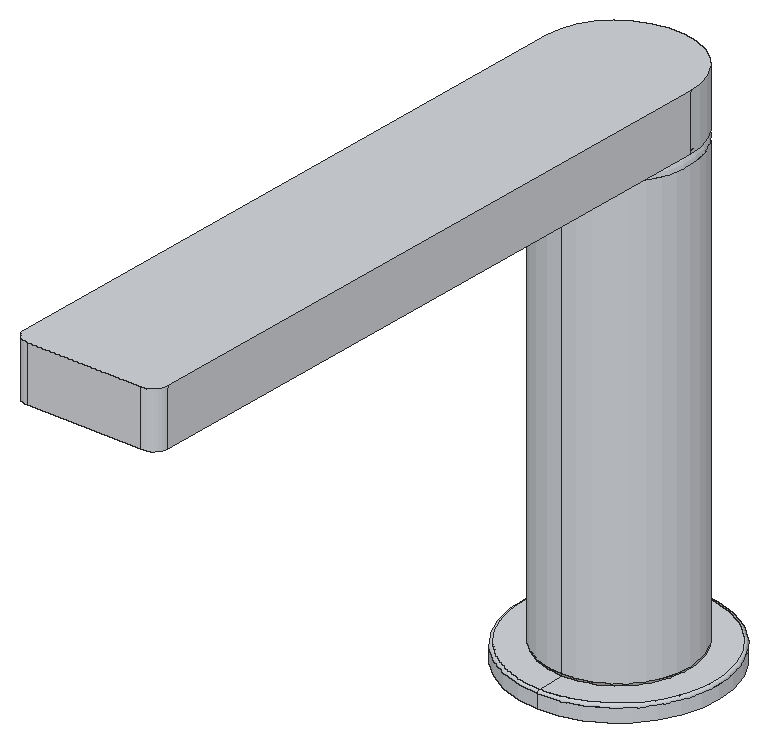
Revit family "Faucet_Touchless-Lavatory-KOHLER-Composed-K-103C37", category Plumbing Fixtures, host Face, Revit 2015
Parameters (values of type "CP-Polished Chrome")
  Width = 2"  # constant formula
  WaterSense Certified = 1 = 0  # no
  Waste Water Outlet = "Waste Water Outlet"  # constant formula
  Waste Connection = 1 = 0  # no
  Voltage = 120 V  # constant formula
  Vent Connection = 1 = 0  # no
  URL = "https://www.us.kohler.com/us/"
  Spout Reach = Length  # 5 13/16"
  Product Page URL = "http://www.us.kohler.com/us/catalog/productDetails.jsp?productNumber=103C37-SANA"
  Product Name = "Composed"  # constant formula
  Product Documentation Link = "https://www.us.kohler.com/webassets/kpna/catalog/pdf/en/K-103C37-SANA_spec.pdf"
  Pressure = 60.00 psi  # constant formula
  Model = "K-103C37-SANA-CP"  # constant formula
  Material = "Metal Construction"  # constant formula
  MasterFormat 2004 = "22.41.39"  # constant formula
  MasterFormat 1995 = "15410"  # constant formula
  Manufacturer Address = "444 Highland Dr, Kohler, WI 53044"  # constant formula
  Manufacturer = "KOHLER Co."  # constant formula
  Length = 5 13/16"  # constant formula
  Hot Water Inlet = "Hot Water Inlet"  # constant formula
  Height = 5 1/2"  # constant formula
  HW Connection = 1 = 1  # yes
  Flow Rate = 0.5 GPM  # constant formula
  Finish = Kohler-Metal-CP-Polished_Chrome
  Environmental Product Declaration = ""
  Electrical Note = "One circuit required, protected with Class A Ground-Fault\r\nCircuit-Interrupter (GFCI) or Residual Current Device (RCD)"  # constant formula
  Electrical Connector = 1 = 1  # yes
  Drain Included = 1 = 1  # yes
  Description = "Touchless bathroom sink faucet with Kinesis sensor technology and mixer, AC-powered"  # constant formula
  Default Elevation = 36"
  Declare Label = ""
  Date Modified = "01/29/2019"  # constant formula
  Date Created = "01/29/2019"  # constant formula
  Copyright = "Copyright KOHLER Co."  # constant formula
  Contact Us = "https://www.us.kohler.com/us/static/contact.jsp"
  Cold Water Inlet = "Cold Water Inlet"  # constant formula
  CW Connection = 1 = 1  # yes
  Assembly Code = "D2010"
  Apparent Load = 15 A * Voltage  # 1800 VA
  ADA Compliant = 1 = 1  # yes
Reference planes (in)
  plane 1 "Center (Front/Back)": y = 0
  plane 2: z = 0
  plane 3 "Center (Left/Right)": x = 0
  plane 4: x = -1
  plane 5: x = 1
  plane 6: z = 5.5
  plane 7: y = -5.8125
  plane 8: z = 4.875
  plane 9: y = 1
  plane 10: y = -1
Dimensions and locks (in)
  "Width": plane 4 to plane 5
  "Length": plane 1 "Center (Front/Back)" to plane 7
  "Height": plane 6 to plane 2
  locked: plane 8 to plane 2 at 4.875
  aligned and locked: host face to plane 2
  aligned and locked: host face to level
Automatic sketch dimensions
  host sketch curve to host sketch curve = 96"  (x2)
Nested families (in)
  nested 1: "K-103C37" at (0, 0, 0), type "K-103C37"
Connectors (in)
  piping at (-0.3539726, 0, 0), diameter 0.375, driven by "Flow Rate", driven by "Pressure", driven by "HW Connection", driven by "Hot Water Inlet"
    settings: on nested 1, index 1, connector inside diameter 24", connector length 0", flow factor 0, pipe flow 0.5 GPM, pressure drop 60.00 psi, fitting loss kfactor 0, connector angle 0.00°, fixture units 0, engagement length 0", angle of deflection 0.00°, flow configuration 1, flow direction 1, fitting loss method 4, system type 19, joint type 0, gender type 0, connector reference index -1, connector utility 1, adjustable connector no, is connector primary yes, connector description "Hot Water Inlet"
  piping at (0.3539726, 0, 0), diameter 0.375, driven by "Flow Rate", driven by "Pressure", driven by "CW Connection", driven by "Cold Water Inlet"
    settings: on nested 1, index 2, connector inside diameter 24", connector length 0", flow factor 0, pipe flow 0.5 GPM, pressure drop 60.00 psi, fitting loss kfactor 0, connector angle 0.00°, fixture units 0, engagement length 0", angle of deflection 0.00°, flow configuration 1, flow direction 1, fitting loss method 4, system type 20, joint type 0, gender type 0, connector reference index -1, connector utility 1, adjustable connector no, is connector primary no, connector description "Cold Water Inlet"
  electrical at (0, 0.5904007, 0), driven by "Voltage", driven by "Apparent Load", driven by "Electrical Connector", driven by "Electrical Note"
    settings: on nested 1, index 3, voltage 120 V, apparent load 1800 VA, apparent load phase1 0 VA, apparent load phase2 0 VA, apparent load phase3 0 VA, power factor 1, load classification "Power", number of poles 1, system type 30, power factor state 1, is connector primary yes, connector utility yes, sub classification motor no, connector description "One circuit required, protected with Class A Ground-Fault\r\nCircuit-Interrupter (GFCI) or Residual Current Device (RCD)"
Definition of nested family "K-103C37"
  Parameters (values of type "K-103C37")
    Material = none
  Reference planes (in)
    plane 1 "Center (Front/Back)": y = 0
    plane 2: z = 0
    plane 3 "Center (Left/Right)": x = 0
    plane 4: x = -1
    plane 5: x = 1
    plane 6: y = 1
    plane 7: y = -1
    plane 8: y = -5.8125
    plane 9: z = 5.5
    plane 10: z = 4.875
  Forms (in)
    Revolve 1, solid, material <- "Material", detail levels medium+fine
      sketch origin (0, 0, 0) x (0, 1, 0) y (0, 0, 1)
        loop
          line (0, 0) -> (0, 4.7824803) -> (-0.544109, 4.7824803)
          arc (-0.544109, 4.7824803) -> (-0.6604651, 4.734284) -> (-0.7086614, 4.6179279) r 0.1645524
          line (-0.7086614, 4.6179279) -> (-0.7086614, 0.18107)
          arc (-0.7086614, 0.18107) -> (-0.7017522, 0.1643896) -> (-0.6850717, 0.1574803) r 0.0235897
          line (-0.6850717, 0.1574803) -> (-0.9719121, 0.1574803)
          arc (-0.9719121, 0.1574803) -> (-0.9917732, 0.1492536) -> (-1, 0.1293924) r 0.0280879
          line (-1, 0.1293924) -> (-1, 0) -> (0, 0)
        axis (0, 4.7824803) -> (0, 0)
      angle from 0 to 360
    Extrusion 2, solid, material <- "Material", detail levels medium+fine
      sketch origin (0, 0, 0) x (1, 0, 0) y (0, 1, 0)
        loop
          line (-0.7086614, 0.0012146) -> (-0.7086614, -6.444936)
          arc (-0.7086614, -6.444936) -> (-0.6644123, -6.5517629) -> (-0.5575854, -6.596012) r 0.151076
          line (-0.5575854, -6.596012) -> (0.5563177, -6.596012)
          arc (0.5563177, -6.596012) -> (0.664041, -6.5513916) -> (0.7086614, -6.4436683) r 0.1523438
          line (0.7086614, -6.4436683) -> (0.7086614, 0.0012146)
          arc (0.7086614, 0.0012146) -> (0, 0.709876) -> (-0.7086614, 0.0012146) r 0.7086614
      from 4.5411757 to 6.0929439
    Extrusion 3, void
      sketch origin (0, 0, 0) x (0, 1, 0) y (0, 0, 1)
        loop
          line (0.903988, 5.2398514) -> (0.903988, 6.1945064) -> (-6.612562, 6.1945064) -> (-6.612562, 5.5023351) -> (0.903988, 5.2398514)
        loop
          line (0.903988, 4.6856758) -> (-6.612562, 4.9481595) -> (-6.612562, 4.4356758) -> (0.903988, 4.4356758) -> (0.903988, 4.6856758)
      from -0.8896644 to 0.9573223
    Extrusion 4, void
      sketch origin (0, 0, 0) x (0, 1, 0) y (0, 0, 1)
        loop
          line (0.7915281, 4.689603) -> (0.7915281, 4.967946) -> (-0.8288753, 4.967946) -> (-0.8288753, 4.7461888) -> (0.7915281, 4.689603)
      from -0.8376348 to 0.8524523
    Revolve 5, solid, material <- "Material", detail levels medium+fine
      sketch origin (0, 0, 0) x (0, 1, 0) y (0, 0, 1)
        loop
          line (-5.8125, 4.875) -> (-5.4659123, 4.8013305) -> (-5.453634, 4.8590951) -> (-5.4146293, 4.8508044)
          arc (-5.4146293, 4.8508044) -> (-5.3852571, 4.8562482) -> (-5.3683372, 4.8808668) r 0.0390302
          line (-5.3683372, 4.8808668) -> (-5.3498006, 4.9680749) -> (-5.7735703, 5.0581499) -> (-5.8125, 4.875)
        axis (-5.8125, 4.875) -> (-5.7735703, 5.0581499)
      angle from 0 to 360
    Revolve 6, void
      sketch origin (0, 0, 0) x (0, 1, 0) y (0, 0, 1)
        loop
          line (-6.2393129, 5.1571465) -> (-6.3056465, 4.8450716) -> (-5.8435295, 4.7468456) -> (-5.777196, 5.0589206) -> (-6.2393129, 5.1571465)
        axis (-5.8435295, 4.7468456) -> (-5.777196, 5.0589206)
      angle from 0 to 360
    Sweep 7, solid, detail levels medium+fine
      path origin (0, -0.1755323, -0.1560424) x (1, 0, 0) y (0, 0.999391, -0.034899)
        loop
          line (-0.4724409, -4.4204363) -> (-0.4724409, -4.6947593)
          arc (-0.4724409, -4.6947593) -> (0, -5.1672002) -> (0.4724409, -4.6947593) r 0.4724409
          line (0.4724409, -4.6947593) -> (0.4724409, -4.4204363)
          arc (0.4724409, -4.4204363) -> (0, -3.9479953) -> (-0.4724409, -4.4204363) r 0.4724409
      profile origin (-0.4724409, -4.7303537, 0.0030155) x (1, 0, 0) y (0, 0.034899, 0.999391)
        loop
          line (0, 5.0869223) -> (0, 4.8921985)
          arc (0, 4.8921985) -> (0.0231165, 4.8363902) -> (0.0789248, 4.8132737) r 0.0789248
          line (0.0789248, 4.8132737) -> (0.3224586, 4.8132737) -> (0.3224586, 5.0869223) -> (0, 5.0869223)
    Extrusion 8, solid, detail levels medium+fine
      sketch origin (0, -0.1755323, -0.1560424) x (1, 0, 0) y (0, 0.999391, -0.034899)
        loop
          line (-0.1499823, -4.4204363) -> (-0.1499823, -4.6947593)
          arc (-0.1499823, -4.6947593) -> (0, -4.8447416) -> (0.1499823, -4.6947593) r 0.1499823
          line (0.1499823, -4.6947593) -> (0.1499823, -4.4204363)
          arc (0.1499823, -4.4204363) -> (0, -4.270454) -> (-0.1499823, -4.4204363) r 0.1499823
      from 4.8132737 to 5.0869223
    Revolve 9, solid, material <- "Material", detail levels coarse
      sketch origin (0, 0, 0) x (0, 1, 0) y (0, 0, 1)
        loop
          line (0, 0) -> (0, 4.732736) -> (-0.7086613, 4.732736) -> (-0.7086613, 0.2685076) -> (-1, 0.2685076) -> (-1, 0) -> (0, 0)
        axis (0, 4.732736) -> (0, 0)
      angle from 0 to 360
    Extrusion 10, solid, material <- "Material", detail levels coarse
      sketch origin (0, 0, 0) x (1, 0, 0) y (0, 1, 0)
        loop
          line (-0.7086614, 0.0012146) -> (-0.7086614, -6.596012) -> (0.7086614, -6.596012) -> (0.7086614, 0.0012146)
          arc (0.7086614, 0.0012146) -> (0, 0.709876) -> (-0.7086614, 0.0012146) r 0.7086614
      from 4.732736 to 5.516422
    Extrusion 11, solid, material <- "Material", detail levels medium+fine
      sketch origin (0, 0, 0) x (1, 0, 0) y (0, 1, 0)
        loop
          circle (0, 0.5904007) r 0.094671
        loop
          circle (-0.3539726, 0) r 0.125
        loop
          circle (0.3539726, 0) r 0.125
      from 0 to 0.0523663
  Cuts and joins
    Extrusion 4 cuts Revolve 1
    Extrusion 3, Revolve 6 cuts Extrusion 2
    joined: Revolve 1, Extrusion 2, Revolve 5
    joined: Sweep 7, Extrusion 8
    joined: Revolve 9, Extrusion 10
  Lines and regions (in)
    Masking region 1
      outline origin (0, 0, 0) x (0, 1, 0) y (0, 0, 1)
        loop
          line (-1, 0) -> (1, 0) -> (1, 0.1278854)
          arc (1, 0.1278854) -> (0.9913319, 0.1488122) -> (0.9704051, 0.1574803) r 0.0295949
          line (0.9704051, 0.1574803) -> (0.6850717, 0.1574803)
          arc (0.6850717, 0.1574803) -> (0.7019645, 0.1669842) -> (0.7086613, 0.1851733) r 0.0280499
          line (0.7086613, 0.1851733) -> (0.7086613, 4.6643988)
          arc (0.7086613, 4.6643988) -> (0.7036108, 4.6815142) -> (0.6900775, 4.6931457) r 0.031526
          arc (0.6900775, 4.6931457) -> (0.7044288, 4.7047864) -> (0.7098267, 4.7224592) r 0.0316294
          line (0.7098267, 4.7224592) -> (0.7098267, 5.2448745) -> (-6.596012, 5.5) -> (-6.596012, 4.9475816) -> (-6.0670701, 4.9291105) -> (-5.4659123, 4.8013305) -> (-5.453634, 4.8590951) -> (-5.4022828, 4.8481801)
          arc (-5.4022828, 4.8481801) -> (-5.3824156, 4.8518622) -> (-5.370971, 4.8685142) r 0.0263998
          line (-5.370971, 4.8685142) -> (-5.3633146, 4.9045349) -> (-5.1684212, 4.897729)
          arc (-5.1684212, 4.897729) -> (-5.1422762, 4.8513247) -> (-5.0927312, 4.8317743) r 0.0796469
          line (-5.0927312, 4.8317743) -> (-4.0352436, 4.794846)
          arc (-4.0352436, 4.794846) -> (-3.9834382, 4.8107571) -> (-3.9525247, 4.855269) r 0.0829212
          line (-3.9525247, 4.855269) -> (-0.6454879, 4.7397847)
          arc (-0.6454879, 4.7397847) -> (-0.6904027, 4.7185294) -> (-0.7086613, 4.6723152) r 0.0676156
          line (-0.7086613, 4.6723152) -> (-0.7086613, 0.1851733)
          arc (-0.7086613, 0.1851733) -> (-0.7019645, 0.1669842) -> (-0.6850717, 0.1574803) r 0.0280499
          line (-0.6850717, 0.1574803) -> (-0.9704051, 0.1574803)
          arc (-0.9704051, 0.1574803) -> (-0.9913319, 0.1488122) -> (-1, 0.1278854) r 0.0295949
          line (-1, 0.1278854) -> (-1, 0)
    Masking region 2
      outline origin (0, 0, 0) x (1, 0, 0) y (0, 0, 1)
        loop
          line (1, 0) -> (1, 0.1306397)
          arc (1, 0.1306397) -> (0.9921386, 0.1496189) -> (0.9731593, 0.1574803) r 0.0268407
          line (0.9731593, 0.1574803) -> (0.6850717, 0.1574803)
          arc (0.6850717, 0.1574803) -> (0.7018232, 0.1651884) -> (0.7086603, 0.1823138) r 0.0248664
          line (0.7086603, 0.1823138) -> (0.7086603, 4.6698931)
          arc (0.7086603, 4.6698931) -> (0.6978357, 4.7003753) -> (0.6702106, 4.7172035) r 0.0483314
          arc (0.6702106, 4.7172035) -> (0.6972775, 4.7272519) -> (0.7086564, 4.7537868) r 0.0366284
          line (0.7086564, 4.7537868) -> (0.7086564, 5.4648438)
          arc (0.7086564, 5.4648438) -> (0.6983594, 5.489703) -> (0.6735002, 5.5) r 0.0351563
          line (0.6735002, 5.5) -> (-0.6719845, 5.5)
          arc (-0.6719845, 5.5) -> (-0.6979155, 5.489259) -> (-0.7086564, 5.4633281) r 0.0366719
          line (-0.7086564, 5.4633281) -> (-0.7086564, 4.7537868)
          arc (-0.7086564, 4.7537868) -> (-0.6972775, 4.7272519) -> (-0.6702106, 4.7172035) r 0.0366284
          arc (-0.6702106, 4.7172035) -> (-0.6978357, 4.7003753) -> (-0.7086603, 4.6698931) r 0.0483314
          line (-0.7086603, 4.6698931) -> (-0.7086603, 0.1823138)
          arc (-0.7086603, 0.1823138) -> (-0.7018232, 0.1651884) -> (-0.6850717, 0.1574803) r 0.0248664
          line (-0.6850717, 0.1574803) -> (-0.9731593, 0.1574803)
          arc (-0.9731593, 0.1574803) -> (-0.9921386, 0.1496189) -> (-1, 0.1306397) r 0.0268407
          line (-1, 0.1306397) -> (-1, 0) -> (1, 0)
    Masking region 3
      outline origin (0, 0, 0) x (1, 0, 0) y (0, 1, 0)
        loop
          arc (-1, 0) -> (-0.924284, -0.3817054) -> (-0.7086019, -0.7056085) r 1
          line (-0.7086019, -0.7056085) -> (-0.7086019, -6.4480621)
          arc (-0.7086019, -6.4480621) -> (-0.6652684, -6.5526785) -> (-0.560652, -6.596012) r 0.1479499
          line (-0.560652, -6.596012) -> (0.5609419, -6.596012)
          arc (0.5609419, -6.596012) -> (0.6653533, -6.5527634) -> (0.7086019, -6.448352) r 0.14766
          line (0.7086019, -6.448352) -> (0.7086019, -0.7056085)
          arc (0.7086019, -0.7056085) -> (0.924284, -0.3817054) -> (1, 0) r 1
          arc (1, 0) -> (0.7071068, 0.7071068) -> (0, 1) r 1
          arc (0, 1) -> (-0.7071068, 0.7071068) -> (-1, 0) r 1
    symbolic lines, detail levels medium+fine
      curve 1: line (0, 0.6900775, 4.6931457) -> (0, -0.6541152, 4.740086)
      curve 2: line (0, -3.9525247, 4.855269) -> (0, -5.1678119, 4.8977078)
      curve 3: line (0, -6.0670701, 4.9291105) -> (0, -5.3633146, 4.9045349)
      curve 4: line (0, -5.453634, 4.8590951) -> (0, -5.7271924, 4.9172418)
      curve 5: line (0, 0.6850717, 0.1574803) -> (0, -0.6850717, 0.1574803)
      curve 6: arc (-0.6702106, 0, 4.7172035) -> (0, 0, 4.7400858) -> (0.6702106, 0, 4.7172035) r 9.8265124
      curve 7: line (-0.7086564, 0, 4.9475816) -> (0.7086564, 0, 4.9475816)
      curve 8: spline (0, 0, 4.8013305) -> (-0.0867906, 0, 4.8035747) -> (-0.1682936, 0, 4.8101704) -> (-0.2395433, 0, 4.8207158) -> (-0.2961989, 0, 4.8345685) -> (-0.3348086, 0, 4.8508845) -> (-0.3530202, 0, 4.8686697) -> (-0.3497241, 0, 4.8868406) -> (-0.3251211, 0, 4.9042901) -> (-0.2807102, 0, 4.9199551) -> (-0.2191971, 0, 4.9328812) -> (-0.1443295, 0, 4.942281) -> (-0.0606686, 0, 4.9475816)
      curve 9: spline (0.0606686, 0, 4.9475816) -> (0.1443295, 0, 4.942281) -> (0.2191971, 0, 4.9328812) -> (0.2807102, 0, 4.9199551) -> (0.3251211, 0, 4.9042901) -> (0.3497241, 0, 4.8868406) -> (0.3530202, 0, 4.8686697) -> (0.3348086, 0, 4.8508845) -> (0.2961989, 0, 4.8345685) -> (0.2395433, 0, 4.8207158) -> (0.1682936, 0, 4.8101704) -> (0.0867906, 0, 4.8035747) -> (0, 0, 4.8013305)
      curve 10: line (-0.3543307, 0, 4.875) -> (-0.3543307, 0, 4.9310672)
      curve 11: spline (-0.4278082, 0, 4.912897) -> (-0.4504798, 0, 4.9149145) -> (-0.465511, 0, 4.9170172) -> (-0.4726512, 0, 4.91917) -> (-0.4717813, 0, 4.921337) -> (-0.4629158, 0, 4.9234819) -> (-0.4462025, 0, 4.9255691) -> (-0.4219203, 0, 4.9275637) -> (-0.3904742, 0, 4.9294325) -> (-0.3523889, 0, 4.9311442) -> (-0.3082997, 0, 4.9326703) -> (-0.258942, 0, 4.9339854) -> (-0.2051393, 0, 4.9350675)
      curve 12: arc (-0.3543307, 0, 4.8933369) -> (-0.3870881, 0, 4.9061721) -> (-0.414642, 0, 4.9280485) r 0.1186557
      curve 13: arc (-0.3946472, 0, 4.9109095) -> (-0.4112349, 0, 4.9117834) -> (-0.4278082, 0, 4.912897) r 1.1496472
      curve 14: arc (-0.3543307, 0, 4.8933369) -> (-0.4099091, 0, 4.8898149) -> (-0.4652548, 0, 4.8836323) r 1.1612082
      curve 15: arc (-0.2027553, 0, 4.7968035) -> (-0.1013831, 0, 4.795221) -> (0, 0, 4.7946934) r 9.7426592
      curve 16: arc (-0.3891994, 0, 4.8066884) -> (-0.2960568, 0, 4.800247) -> (-0.2027553, 0, 4.7968035) r 2.9036325
      curve 17: arc (-0.4719201, 0, 4.8752619) -> (-0.4412982, 0, 4.8280212) -> (-0.3891994, 0, 4.8066884) r 0.0941804
      curve 18: arc (-0.4719201, 0, 4.8752619) -> (-0.4707241, 0, 4.8811485) -> (-0.4652548, 0, 4.8836323) r 0.0066053
      curve 19: line (0.3543307, 0, 4.875) -> (0.3543307, 0, 4.9310672)
      curve 20: spline (0.4278082, 0, 4.912897) -> (0.4504798, 0, 4.9149145) -> (0.465511, 0, 4.9170172) -> (0.4726512, 0, 4.91917) -> (0.4717813, 0, 4.921337) -> (0.4629158, 0, 4.9234819) -> (0.4462025, 0, 4.9255691) -> (0.4219203, 0, 4.9275637) -> (0.3904742, 0, 4.9294325) -> (0.3523889, 0, 4.9311442) -> (0.3082997, 0, 4.9326703) -> (0.258942, 0, 4.9339854) -> (0.2051393, 0, 4.9350675)
      curve 21: arc (0.3543307, 0, 4.8933369) -> (0.3870881, 0, 4.9061721) -> (0.414642, 0, 4.9280485) r 0.1186557
      curve 22: arc (0.3946472, 0, 4.9109095) -> (0.4112349, 0, 4.9117834) -> (0.4278082, 0, 4.912897) r 1.1496472
      curve 23: arc (0.3543307, 0, 4.8933369) -> (0.4099091, 0, 4.8898149) -> (0.4652548, 0, 4.8836323) r 1.1612082
      curve 24: arc (0.2027553, 0, 4.7968035) -> (0.1013831, 0, 4.795221) -> (0, 0, 4.7946934) r 9.7426592
      curve 25: arc (0.3891994, 0, 4.8066884) -> (0.2960568, 0, 4.800247) -> (0.2027553, 0, 4.7968035) r 2.9036325
      curve 26: arc (0.4719201, 0, 4.8752619) -> (0.4412982, 0, 4.8280212) -> (0.3891994, 0, 4.8066884) r 0.0941804
      curve 27: arc (0.4719201, 0, 4.8752619) -> (0.4707241, 0, 4.8811485) -> (0.4652548, 0, 4.8836323) r 0.0066053
      curve 28: line (-0.6850717, 0, 0.1574803) -> (0.6850717, 0, 0.1574803)
      curve 29: line (-0.7086019, -0.7056085, 0) -> (-0.7086019, 0.0012147, 0)
      curve 30: line (0.7086019, -0.7056085, 0) -> (0.7086019, 0.0012147, 0)
      curve 31: arc (-0.7086019, 0.0012147, 0) -> (0, 0.7098166, 0) -> (0.7086019, 0.0012147, 0) r 0.7086019
  Dimensions and locks (in)
    locked: plane 4 to plane 5 at 2
    locked: plane 6 to plane 7 at 2
    locked: plane 1 "Center (Front/Back)" to plane 8 at 5.8125
    locked: plane 9 to plane 2 at 5.5
    locked: plane 10 to plane 2 at 4.875
    aligned and locked: plane 2 to level
